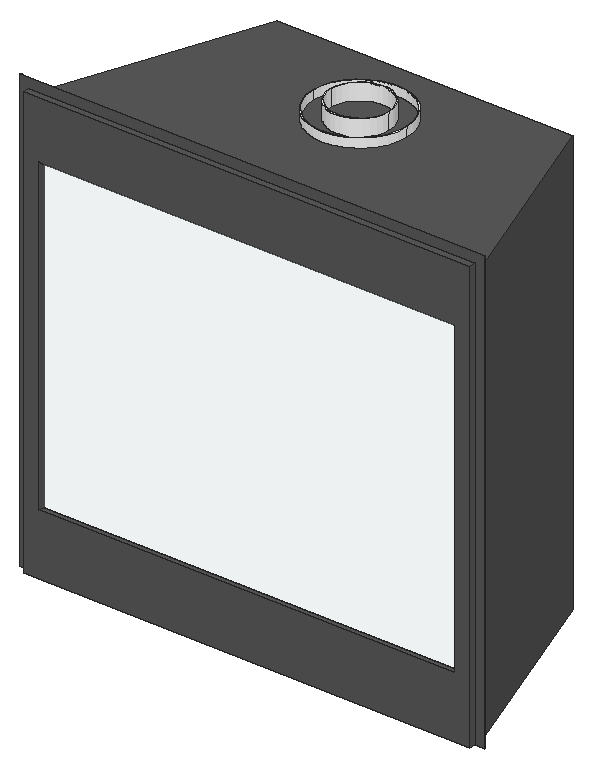
Revit family "H38DF - HL38DF - HW38DF", category Generic Models, Revit 2019
Family settings
  Can host rebar = No
  Round Connector Dimension = Use Diameter
  Part Type = Normal
  Work Plane-Based = No
  Always vertical = Yes
  Cut with Voids When Loaded = No
  Shared = No
  Room Calculation Point = No
Parameters
  Width = 12 5/16"
  URL = "https://www.montigo.com/"
  Model = ""
  Manufacturer Fax = ""
  Manufacturer Website = "https://www.montigo.com/"
  Manufacturer Phone - Toll Free = "800-378-3115"
  Manufacturer Phone = ""
  Manufacturer Address = "27342 Gloucester Way  Langley, BC, Canada   V4W 4A1"
  Manufacturer = "Montigo"
  Length = 53 7/16"
  Keynote = ""
  Glazing Tint = Glass - Montigo - Tint as Specified
  Frame Material = Metal - Montigo - Black
  Firebox Material = Metal - Montigo - White
  Fire Place Length = 50 5/16"
  Fire Place Height = 24 1/2"
  Fire Place - Opening = 16 9/16"
  Description = "Montigo Fireplace as Specified"
  Base Height = 6 9/16"
Reference planes (in)
  plane 1 "Center (Front/Back)": y = 0
  plane 2: z = 0
  plane 3 "Center (Left/Right)": x = 0
  plane 4: z = 5.25
Forms (in)
  Extrusion 1, solid, material "Metal - Montigo - Black" <- "Frame Material"
    sketch origin (0, -46.333, 0) x (1, 0, 0) y (0, 1, 0)
      loop
        line (-18.78009, 46.333) -> (18.78491, 46.333) -> (18.78491, 47.23301) -> (12.47064, 64.58131) -> (-12.53082, 64.58131) -> (-18.78009, 47.41159) -> (-18.78009, 46.333)
    from 0 to 35.875
  Extrusion 2, solid, material "Metal - Montigo - Black" <- "Frame Material"
    sketch origin (0, -46.333, 0) x (1, 0, 0) y (0, 1, 0)
      loop
        line (-19.68509, 46.333) -> (-19.68509, 46.30175) -> (19.62491, 46.30175) -> (19.62491, 46.333) -> (-19.68509, 46.333)
    from 0 to 37.3125
  Extrusion 3, solid, material "Metal - Montigo - Black" <- "Frame Material"
    sketch origin (0, -46.333, 0) x (1, 0, 0) y (0, 1, 0)
      loop
        line (-18.90509, 46.30175) -> (-18.90509, 45.709) -> (18.84491, 45.709) -> (18.84491, 46.30175) -> (-18.90509, 46.30175)
    from 0 to 36.5
  Extrusion 4, void
    sketch origin (42.25, -6.4375, 0) x (-1, 0, 0) y (0, 0, -1)
      loop
        line (59.84375, -31.6875) -> (59.84375, -5.25) -> (24.65625, -5.25) -> (24.65625, -31.6875) -> (59.84375, -31.6875)
    from -5.8135 to -6.28922
Cuts and joins
  Extrusion 4 cuts Extrusion 3
  joined: Extrusion 1, Extrusion 2, Extrusion 3
Lines and regions (in)
  symbolic lines
    curve 1: line (-17.59375, -6.4375, 31.6875) -> (-17.59375, -6.4375, 5.25)
    curve 2: line (-17.59375, -6.4375, 5.25) -> (17.59375, -6.4375, 5.25)
    curve 3: line (17.59375, -6.4375, 5.25) -> (17.59375, -6.4375, 31.6875)
    curve 4: line (17.59375, -6.4375, 31.6875) -> (-17.59375, -6.4375, 31.6875)
Dimensions and locks (in)
  plane 4 to level = 5 1/4"
  Extrusion 1 to nested 2 = 6 15/16"
  aligned and locked: level to plane 2
  aligned and locked: nested 2 to nested 1
  aligned and locked: nested 1 to plane 3 "Center (Left/Right)"
  aligned and locked: nested 2 to plane 3 "Center (Left/Right)"
  aligned and locked: nested 4 to plane 3 "Center (Left/Right)"
  aligned and locked: nested 3 to plane 3 "Center (Left/Right)"
Nested families (in)
  nested 1: "Duct Dia" at (0, 11.31081, 35.875) x (-1, 0, 0) z (0, 0, 1), type "5" 2"
    with Intake Duct Dia 5", Intake Diameter 4 7/8", Height 1 3/8"
  nested 2: "Duct Dia" at (0, 11.31081, 35.875) x (-1, 0, 0) z (0, 0, 1), type "8" 2"
    with Intake Duct Dia 8", Intake Diameter 7 7/8", Height 3/4"
  nested 3: "Duct Dia" at (0, 18.24831, 28.52996) x (-1, 0, 0) z (0, 1, 0), type "5" 2"
    with Intake Duct Dia 5", Intake Diameter 4 7/8", Height 1 3/8"
  nested 4: "Duct Dia" at (0, 18.24831, 28.52996) x (-1, 0, 0) z (0, 1, 0), type "8" 2"
    with Intake Duct Dia 8", Intake Diameter 7 7/8", Height 3/4"
Connectors (in)
  hvac at (0, 11.31081, 37.25)
    settings: on nested 1, index 8, duct flow 0.0 L/s, flow factor 0, pres drop 0.0 Pa, loss coef 0, conn angle 0.00°, conn width 304.8 mm, conn height 304.8 mm, conn diameter 127 mm, duct sys type 3, conn prof type 0, flow config 0, flow direction 0, loss method 0, conn ref index -1, conn util no, is conn primary yes, conn desc ""
  hvac at (0, 19.62331, 28.52996)
    settings: on nested 3, index 10, duct flow 0.0 L/s, flow factor 0, pres drop 0.0 Pa, loss coef 0, conn angle 0.00°, conn width 304.8 mm, conn height 304.8 mm, conn diameter 127 mm, duct sys type 3, conn prof type 0, flow config 0, flow direction 0, loss method 0, conn ref index -1, conn util no, is conn primary no, conn desc ""
  hvac at (0, 18.99831, 28.52996)
    settings: on nested 4, index 11, duct flow 0.0 L/s, flow factor 0, pres drop 0.0 Pa, loss coef 0, conn angle 0.00°, conn width 304.8 mm, conn height 304.8 mm, conn diameter 203.2 mm, duct sys type 3, conn prof type 0, flow config 0, flow direction 0, loss method 0, conn ref index -1, conn util no, is conn primary no, conn desc ""
  hvac at (0, 11.31081, 36.625)
    settings: on nested 2, index 12, duct flow 0.0 L/s, flow factor 0, pres drop 0.0 Pa, loss coef 0, conn angle 0.00°, conn width 304.8 mm, conn height 304.8 mm, conn diameter 203.2 mm, duct sys type 1, conn prof type 0, flow config 0, flow direction 0, loss method 0, conn ref index -1, conn util no, is conn primary no, conn desc ""
Definition of nested family "Duct Dia"
  Parameters (values of type "15 7/8" Dia.")
    Intake Duct Dia = 15 7/8"
    Intake Diameter = Intake Duct Dia - 1/8"  # 15 3/4"
    Height = 4"
    Firebox Material = none
    Default Elevation = 48"
  Types (12): name | Intake Duct Dia | Intake Diameter | Height
    9 7/8" Dia. | 9 7/8" | 9 3/4" | 4"
    7 7/8" Dia | 7 7/8" | 7 3/4" | 4"
    8 1/8" Dia | 8 1/8" | 8" | 1/4"
    11 3/4" Dia | 11 3/4" | 11 5/8" | 4"
    4" Dia | 10" | 9 7/8" | 4"
    7 3/4" Dia | 7 3/4" | 7 5/8" | 4"
    6 7/8" Dia | 6 7/8" | 6 3/4" | 1/4"
    9 3/4" Dia. | 9 3/4" | 9 5/8" | 4"
    7 1/8" Dia | 7 1/8" | 7" | 1/4"
    11 7/8" Dia. | 11 7/8" | 11 3/4" | 4"
    13 7/8" Dia. | 13 7/8" | 13 3/4" | 4"
    15 7/8" Dia. | 15 7/8" | 15 3/4" | 4"
  Reference planes (in)
    plane 1 "Center (Front/Back)": y = 0
    plane 2: z = 0
    plane 3 "Center (Left/Right)": x = 0
    plane 4: z = 4
  Forms (in)
    Extrusion 1, solid
      sketch origin (0, 0, 0) x (1, 0, 0) y (0, 1, 0)
        loop
          line (-48, 48) -> (-48, -48) -> (48, -48) -> (48, 48) -> (-48, 48)
      from 0 to -12
    Extrusion 2, solid, material <- "Firebox Material"
      sketch origin (0, 0, 0) x (1, 0, 0) y (0, 1, 0)
        loop
          circle (0, 0) r 7.9375
        loop
          circle (0, 0) r 7.875
      from 0 to 4
  Dimensions and locks (in)
    "Height": plane 4 to level
    "Intake Duct Dia": diameter of Extrusion 2 sketch curve
    "Intake Diameter": diameter of Extrusion 2 sketch curve
    aligned and locked: plane 2 to Extrusion 1
    aligned and locked: level to Extrusion 1
    aligned and locked: plane 4 to Extrusion 2
  Automatic sketch dimensions
    Extrusion 1 sketch curve to Extrusion 1 sketch curve = 96"  (x2)
    Extrusion 2 sketch curve to Extrusion 2 sketch curve = 0"  (x2)
    plane 1 "Center (Front/Back)" to Extrusion 2 sketch curve = 0"
    Extrusion 2 sketch curve to plane 3 "Center (Left/Right)" = 0"
